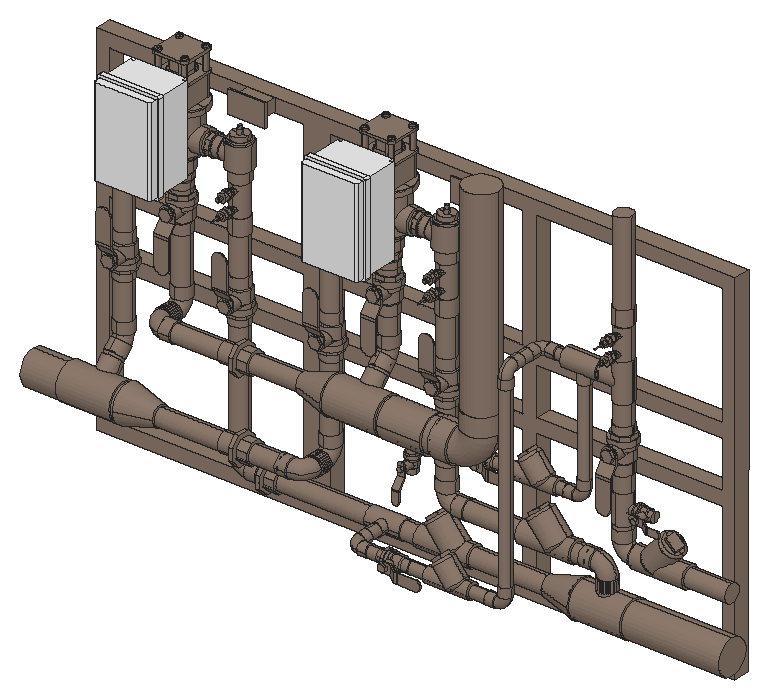
Revit family "Mixing_Valve-Leonard_Valve_Company-Megatron-NV_200_LF_2PS-1", category Pipe Accessories, Revit 2015
Parameters (values of type "NV-200-LF-2PS")
  Youtube clip = ""
  Weight Net (Kg) = "0"
  Uniformat II Description = ""
  Uniformat II Code = ""
  Uniclass 2015 Name = ""
  Uniclass 2015 Code = ""
  Uniclass 2.0 Description = ""
  Uniclass 2.0 Code = ""
  Uniclass 1.4 Description = ""
  Uniclass 1.4 Code = ""
  URL = "http://www.leonardvalve.com/"
  UNSPSC Code = "401416"
  Technical description = ""
  Valve Box Material = Steel-Leonard_Valve-Baked_White
  Return Outlet Flow [instance] = 0.0 L/s
  Return Inlet Flow [instance] = 0.0 L/s
  Region South America = "None"
  Region Oceania = "None"
  Region North America = "US"
  Region Middle East = "None"
  Region Europe = "None"
  Region Asia = "None"
  Region Antarctica = "None"
  Region Africa = "None"
  QR code = "https://www.bimobject.com/leonardvalvecompany/product/megatron-nv-200-lf-2ps"
  Product url = "http://www.leonardvalvecompany.com/nucleus.html"
  Product group = "Digitally Controlled Mixing Valves"
  Product family = "Mixing Valves for Liquid Services"
  Product data url = "https://www.bimobject.com/leonardvalvecompany/product/megatron-nv-200-lf-2ps"
  Product certification = ""
  Product SKU = "nv-200-lf-2ps"
  Pipe Radius 2.0 = 2.0625"
  Pipe Radius 1.0 = 1.0625"
  Pipe Radius .625 = 0.6879"
  OmniClass Description = "Mixing Valves"
  OmniClass Code = "23-27 31 29"
  Nominal width = 0.0000"
  Nominal height = 0.0000"
  NBS Reference Description = ""
  NBS Reference Code = ""
  Model = "NV-200-LF-2PS"
  Mixed Outlet Flow [instance] = 0.0 L/s
  Material secondary = ""
  Material main = ""
  Masterformat 2014 Description = ""
  Masterformat 2014 Code = ""
  Manufacturer name = "Leonard Valve Company"
  Manufacturer country = "United States"
  Manufacturer = "Leonard Valve Company"
  Installation instructions = ""
  IFC Classification = "Valve"
  Hot Water Inlet Flow [instance] = 0.0 L/s
  Edition number = 1
  EAN code = ""
  Design country = "United States"
  Description = "The Nucleus Digitally Controlled Mixing Valve from Leonard Valve Company serves as the central monitor & control of a Domestic Hot Water System. The Nucleus Digitally Controlled Mixing Valve capabilities include:\r\n\r\n+/- 2°F Mixed Water Temperature in accordance with ASSE 1017-2009.\r\n+/- 2°F Mixed Water Temperature during periods of low or no system demand\r\n0.5 GPM Minimum Flow with Continuously Operating Recirculation Pump\r\nAutomatic Shutoff of Valve upon Cold or Hot Supply Failure\r\nSystem Setup & Commissioning from Nucleus Control Module–no PC or Laptop Required\r\nLCD Display & Sensor Indicators – Set Point Temperature & Actual Temperature\r\nBMS Interface – Native Support for Six Different Protocols including BACnet & Modbus\r\nEthernet Connection for PC or LAN for Valve Programming or Interrogation\r\nWeb Server to remotely monitor & control Nucleus Mixing Valve\r\nData Logger – stores up to 30 days of temperatures, pressure & flows\r\nNucleus is UL Listed & Approved to E484833. Eco-Mix Certified Lead Free Construction"
  Date of publishing = ""
  Chilled Water Inlet Flow [instance] = 0.0 L/s
  COBIe Type Category = ""
  Pipe Material = Bronze-Leonard_Valve_Company
  Brand url = "http://www.leonardvalve.com/"
  BIMobject category = "Valves"
Reference planes (in)
  plane 1 "Center (Front/Back)": y = 0
  plane 2: z = 0
  plane 3 "Center (Left/Right)": x = 0.17519
  plane 4: y = -10.4375
  plane 5: x = -6.89817
  plane 6: x = 7.28002
  plane 7: x = 18.40223
  plane 8: x = 25.4756
  plane 9: x = 32.58042
  plane 10: x = 40.17519
  plane 11: x = 54.17519
  plane 12: x = 44.1115
  plane 13: x = 49.40241
  plane 14: z = 19.23257
  plane 15: z = 11.49997
  plane 16: z = 4.49997
  plane 17: z = 9.37497
  plane 18: z = 30.3844
  plane 19: z = 15.74671
  plane 20: y = -5
  plane 21: y = -9.18429
Forms (in)
  Sweep 1, solid, material "Bronze-Leonard_Valve_Company" <- "Pipe Material", detail levels fine
    path origin (0, -5, 39.21815) x (1, 0, 0) y (0, 0, 1)
      loop
        line (0.17519, -6.52353) -> (0.17519, -17.29631)
    profile "Fitting-Profile_R1.0 : Fitting-Profile_R1.0" origin (0.17519, -5, 27.30823) x (1, 0, 0) y (0, -1, 0)
      loop
        circle (0, 0) r 1.0625
  Sweep 2, solid, material "Bronze-Leonard_Valve_Company" <- "Pipe Material", detail levels fine
    path origin (7.56326, -9.18429, -40.76743) x (1, 0, 0) y (0, 0, -1)
      loop
        line (-4.69876, -60) -> (10.95648, -60)
    profile "Fitting-Profile_R1.0 : Fitting-Profile_R1.0" origin (10.69212, -9.18429, 19.23257) x (0, 0, -1) y (0, 1, 0)
      loop
        circle (0, 0) r 1.0625
  Sweep 3, solid, material "Bronze-Leonard_Valve_Company" <- "Pipe Material", detail levels fine
    path origin (0, -5, 39.21815) x (1, 0, 0) y (0, 0, 1)
      loop
        line (-6.89817, -7.60931) -> (-6.89817, -23.60596)
    profile "Fitting-Profile_R1.0 : Fitting-Profile_R1.0" origin (-6.89817, -5, 23.61052) x (1, 0, 0) y (0, -1, 0)
      loop
        circle (0, 0) r 1.0625
  Sweep 4, solid, material "Bronze-Leonard_Valve_Company" <- "Pipe Material", detail levels fine
    path origin (0, -5, 39.21815) x (1, 0, 0) y (0, 0, 1)
      loop
        line (7.28002, -9.16831) -> (7.28002, -32.15037)
    profile "Fitting-Profile_R1.0 : Fitting-Profile_R1.0" origin (7.28002, -5, 18.55881) x (1, 0, 0) y (0, -1, 0)
      loop
        circle (0, 0) r 1.0625
  SweptBlend 5, solid, material "Bronze-Leonard_Valve_Company" <- "Pipe Material", detail levels fine
    path origin (2.74699, -9.18429, 86.46225) x (-1, 0, 0) y (0, 0, 1)
      loop
        line (-15.65524, -67.22968) -> (-19.47261, -67.22968)
    profile origin (18.40223, -9.18429, 19.23257) x (0, 0, -1) y (0, 1, 0)
      loop
        circle (0, 0) r 1.188
    end profile origin (22.2196, -9.18429, 19.23257) x (0, 0, -1) y (0, 1, 0)
      loop
        circle (0, 0) r 2.256
  Sweep 6, solid, material "Bronze-Leonard_Valve_Company" <- "Pipe Material", detail levels fine
    path origin (2.6893, -9.18429, 86.46225) x (-1, 0, 0) y (0, 0, 1)
      loop
        line (-19.53029, -67.22968) -> (-32.74407, -67.22968)
    profile "Fitting-Profile_R2.0 : Fitting-Profile_R2.0" origin (28.82648, -9.18429, 19.23257) x (0, 0, -1) y (0, 1, 0)
      loop
        circle (0, 0) r 2.0625
  Sweep 7, solid, material "Bronze-Leonard_Valve_Company" <- "Pipe Material", detail levels fine
    path origin (2.6893, -9.18429, 86.46225) x (-1, 0, 0) y (0, 0, 1)
      loop
        line (-37.48589, -62.38587) -> (-37.48589, -37.96228)
    profile "Fitting-Profile_R2.0 : Fitting-Profile_R2.0" origin (40.17519, -9.18429, 36.28817) x (1, 0, 0) y (0, 1, 0)
      loop
        circle (0, 0) r 2.0625
  Sweep 8, solid, material "Bronze-Leonard_Valve_Company" <- "Pipe Material", detail levels fine
    path origin (-0.25, -5, 117.65455) x (1, 0, 0) y (0, 0, 1)
      loop
        line (18.65223, -86.04568) -> (18.65223, -105.59028)
    profile "Fitting-Profile_R1.0 : Fitting-Profile_R1.0" origin (18.40223, -5, 21.83657) x (1, 0, 0) y (0, -1, 0)
      loop
        circle (0, 0) r 1.0625
  Sweep 9, solid, material "Bronze-Leonard_Valve_Company" <- "Pipe Material", detail levels fine
    path origin (2.6893, -9.18429, 86.46225) x (-1, 0, 0) y (0, 0, 1)
      loop
        line (-13.29839, -77.08728) -> (1.78124, -77.08728)
    profile "Fitting-Profile_R1.0 : Fitting-Profile_R1.0" origin (8.44788, -9.18429, 9.37497) x (0, 0, 1) y (0, 1, 0)
      loop
        circle (0, 0) r 1.0625
  SweptBlend 10, solid, material "Bronze-Leonard_Valve_Company" <- "Pipe Material", detail levels fine
    path origin (2.6893, -9.18429, 86.46225) x (-1, 0, 0) y (0, 0, 1)
      loop
        line (5.80608, -77.08728) -> (1.78124, -77.08728)
    profile origin (-3.11677, -9.18429, 9.37497) x (0, 0, -1) y (0, 1, 0)
      loop
        circle (-0.00172, 0) r 2.25
    end profile origin (0.90806, -9.18429, 9.37497) x (0, 0, -1) y (0, 1, 0)
      loop
        circle (-0.00172, 0) r 1.18
  Sweep 11, solid, material "Bronze-Leonard_Valve_Company" <- "Pipe Material", detail levels fine
    path origin (2.6893, -9.18429, 86.46225) x (-1, 0, 0) y (0, 0, 1)
      loop
        line (17.26411, -77.08728) -> (5.80608, -77.08728)
    profile "Fitting-Profile_R2.0 : Fitting-Profile_R2.0" origin (-8.84579, -9.18429, 9.37497) x (0, 0, -1) y (0, 1, 0)
      loop
        circle (0, 0) r 2.0625
  Sweep 12, solid, material "Bronze-Leonard_Valve_Company" <- "Pipe Material", detail levels fine
    path origin (0, -5, 39.21815) x (1, 0, 0) y (0, 0, 1)
      loop
        line (9.78912, -34.71818) -> (45.06088, -34.71818)
    profile "Fitting-Profile_R1.0 : Fitting-Profile_R1.0" origin (27.425, -5, 4.49997) x (0, 0, 1) y (0, -1, 0)
      loop
        circle (0, 0) r 1.0625
  SweptBlend 13, solid, material "Bronze-Leonard_Valve_Company" <- "Pipe Material", detail levels fine
    path origin (0, -5, 39.21815) x (1, 0, 0) y (0, 0, 1)
      loop
        line (45.06088, -34.71818) -> (49.0924, -34.71818)
    profile origin (45.06088, -5, 4.49997) x (0, 0, 1) y (0, -1, 0)
      loop
        circle (0, 0) r 1.18
    end profile origin (49.0924, -5, 4.49997) x (0, 0, 1) y (0, -1, 0)
      loop
        circle (0, 0) r 2.25
  Sweep 14, solid, material "Bronze-Leonard_Valve_Company" <- "Pipe Material", detail levels fine
    path origin (0, -5, 39.21815) x (1, 0, 0) y (0, 0, 1)
      loop
        line (49.0924, -34.71818) -> (67.42519, -34.71818)
    profile "Fitting-Profile_R2.0 : Fitting-Profile_R2.0" origin (58.25879, -5, 4.49997) x (0, 0, 1) y (0, -1, 0)
      loop
        circle (0, 0) r 2.0625
  Sweep 15, solid, material "Bronze-Leonard_Valve_Company" <- "Pipe Material", detail levels fine
    path origin (0, -5, 39.21815) x (1, 0, 0) y (0, 0, 1)
      loop
        line (35.26973, -29.84318) -> (50.1688, -29.84318)
    profile "Fitting-Profile_R1.0 : Fitting-Profile_R1.0" origin (42.71927, -5, 9.37497) x (0, 0, 1) y (0, -1, 0)
      loop
        circle (0, 0) r 1.0625
  Sweep 16, solid, material "Bronze-Leonard_Valve_Company" <- "Pipe Material", detail levels fine
    path origin (0, -5, 39.21815) x (1, 0, 0) y (0, 0, 1)
      loop
        line (32.58042, -9.16831) -> (32.58042, -27.21297)
    profile "Fitting-Profile_R1.0 : Fitting-Profile_R1.0" origin (32.58042, -5, 21.02751) x (1, 0, 0) y (0, -1, 0)
      loop
        circle (0, 0) r 1.0625
  Sweep 17, solid, material "Bronze-Leonard_Valve_Company" <- "Pipe Material", detail levels fine
    path origin (0, -5, 39.21815) x (1, 0, 0) y (0, 0, 1)
      loop
        line (34.82842, -23.47145) -> (47.34741, -23.47145)
    profile "Fitting-Profile_R0.625 : Fitting-Profile_R0.625" origin (41.08792, -5, 15.74671) x (0, 0, 1) y (0, -1, 0)
      loop
        circle (0, 0) r 0.6879
  Sweep 18, solid, material "Bronze-Leonard_Valve_Company" <- "Pipe Material", detail levels fine
    path origin (0, -5, 117.65455) x (1, 0, 0) y (0, 0, 1)
      loop
        line (49.40241, -89.33755) -> (49.40241, -99.85285)
    profile "Fitting-Profile_R0.625 : Fitting-Profile_R0.625" origin (49.40241, -5, 23.05935) x (1, 0, 0) y (0, -1, 0)
      loop
        circle (0, 0) r 0.6879
  Sweep 19, solid, material "Bronze-Leonard_Valve_Company" <- "Pipe Material", detail levels fine
    path origin (0, -5, 39.21815) x (1, 0, 0) y (0, 0, 1)
      loop
        line (25.4756, -6.42652) -> (25.4756, -13.92497)
    profile "Fitting-Profile_R1.0 : Fitting-Profile_R1.0" origin (25.4756, -5, 29.04241) x (1, 0, 0) y (0, -1, 0)
      loop
        circle (0, 0) r 1.0625
  Sweep 20, solid, material "Bronze-Leonard_Valve_Company" <- "Pipe Material", detail levels fine
    path origin (0, -5, 39.21815) x (1, 0, 0) y (0, 0, 1)
      loop
        line (54.17519, 9.28182) -> (54.17519, -25.15037)
    profile "Fitting-Profile_R1.0 : Fitting-Profile_R1.0" origin (54.17519, -5, 31.28388) x (1, 0, 0) y (0, -1, 0)
      loop
        circle (0, 0) r 1.0625
  Sweep 21, solid, material "Bronze-Leonard_Valve_Company" <- "Pipe Material", detail levels fine
    path origin (0, -5, 39.21815) x (1, 0, 0) y (0, 0, 1)
      loop
        line (62.30222, -27.71818) -> (67.42519, -27.71818)
    profile "Fitting-Profile_R1.0 : Fitting-Profile_R1.0" origin (64.86371, -5, 11.49997) x (0, 0, 1) y (0, -1, 0)
      loop
        circle (0, 0) r 1.0625
  Sweep 22, solid, material "Bronze-Leonard_Valve_Company" <- "Pipe Material", detail levels fine
    path origin (0, -5, 39.21815) x (1, 0, 0) y (0, 0, 1)
      loop
        line (51.51591, -8.84318) -> (51.87246, -8.84318)
    profile "Fitting-Profile_R1.0 : Fitting-Profile_R1.0" origin (51.69419, -5, 30.37497) x (0, 0, 1) y (0, -1, 0)
      loop
        circle (0, 0) r 1.0625
  Sweep 23, solid, material "Bronze-Leonard_Valve_Company" <- "Pipe Material", detail levels fine
    path origin (0, -5, 39.21815) x (1, 0, 0) y (0, 0, 1)
      loop
        line (46.1665, -8.83375) -> (47.28891, -8.83375)
    profile "Fitting-Profile_R0.625 : Fitting-Profile_R0.625" origin (46.7277, -5, 30.3844) x (0, 0, 1) y (0, -1, 0)
      loop
        circle (0, 0) r 0.6879
  Sweep 24, solid, material "Bronze-Leonard_Valve_Company" <- "Pipe Material", detail levels fine
    path origin (25.4122, -6.8825, 86.46225) x (0, 1, 0) y (0, 0, 1)
      loop
        line (0, -81.96228) -> (-1.5, -81.96228)
    profile "Fitting-Profile_R0.625 : Fitting-Profile_R0.625" origin (25.4122, -7.6325, 4.49997) x (0, 0, -1) y (1, 0, 0)
      loop
        circle (0, 0) r 0.6879
  Sweep 25, solid, material "Bronze-Leonard_Valve_Company" <- "Pipe Material", detail levels fine
    path origin (27.47768, -10.4375, 86.46225) x (-1, 0, 0) y (0, 0, 1)
      loop
        line (0, -81.96228) -> (-14.56792, -81.96228)
    profile "Fitting-Profile_R0.625 : Fitting-Profile_R0.625" origin (34.76164, -10.4375, 4.49997) x (0, 0, -1) y (0, 1, 0)
      loop
        circle (0, 0) r 0.6879
  Sweep 26, solid, material "Bronze-Leonard_Valve_Company" <- "Pipe Material", detail levels fine
    path origin (27.47768, -10.4375, 164.89865) x (-1, 0, 0) y (0, 0, 1)
      loop
        line (-16.63382, -158.34368) -> (-16.63382, -136.57865)
    profile "Fitting-Profile_R0.625 : Fitting-Profile_R0.625" origin (44.1115, -10.4375, 17.43748) x (1, 0, 0) y (0, 1, 0)
      loop
        circle (0, 0) r 0.6879
  Sweep 27, solid, material "Bronze-Leonard_Valve_Company" <- "Pipe Material", detail levels fine
    path origin (44.1115, -8.3825, 86.46225) x (0, 1, 0) y (0, 0, 1)
      loop
        line (1.3275, -56.08728) -> (0, -56.08728)
    profile "Fitting-Profile_R0.625 : Fitting-Profile_R0.625" origin (44.1115, -7.71875, 30.37497) x (0, 0, -1) y (1, 0, 0)
      loop
        circle (0, 0) r 0.6879
  Sweep 28, solid, material "Bronze-Leonard_Valve_Company" <- "Pipe Material", detail levels fine
    path origin (25.4756, -5, 39.20003) x (0, 1, 0) y (0, 0, 1)
      loop
        line (-1.33952, -17.31387) -> (-1.61348, -17.58782)
    profile "Fitting-Profile_R1.0 : Fitting-Profile_R1.0" origin (25.4756, -6.4765, 21.74918) x (0, 0.707107, -0.707107) y (1, 0, 0)
      loop
        circle (0, 0) r 1.0625
  Sweep 29, solid, material "Bronze-Leonard_Valve_Company" <- "Pipe Material", detail levels fine
    path origin (-6.89817, -5, 34.45736) x (0, 1, 0) y (0, 0, 1)
      loop
        line (-1.42765, -22.29441) -> (-1.72474, -22.59149)
    profile "Fitting-Profile_R1.0 : Fitting-Profile_R1.0" origin (-6.89817, -6.57619, 12.01441) x (0, 0.707107, -0.707107) y (1, 0, 0)
      loop
        circle (0, 0) r 1.0625
  Extrusion 30, solid, material "Bronze-Leonard_Valve_Company" <- "Pipe Material", detail levels fine
    sketch origin (-78.74016, 0, 86.46225) x (-1, 0, 0) y (0, 0, 1)
      loop
        line (-67.72785, -44.08728) -> (-91.47785, -44.08728) -> (-91.47785, -58.83728) -> (-67.72785, -58.83728) -> (-67.72785, -44.08728)
      loop
        line (-66.16535, -42.46228) -> (-144.16535, -42.46228) -> (-144.16535, -86.46228) -> (-66.16535, -86.46228) -> (-66.16535, -42.46228)
      loop
        line (-94.72785, -44.08728) -> (-118.22785, -44.08728) -> (-118.22785, -58.83728) -> (-94.72785, -58.83728) -> (-94.72785, -44.08728)
      loop
        line (-119.85285, -44.09361) -> (-142.60285, -44.09361) -> (-142.60285, -58.84361) -> (-119.85285, -58.84361) -> (-119.85285, -44.09361)
      loop
        line (-119.85285, -60.46228) -> (-142.60285, -60.46228) -> (-142.60285, -66.33728) -> (-119.85285, -66.33728) -> (-119.85285, -60.46228)
      loop
        line (-119.85285, -67.96228) -> (-142.60285, -67.96228) -> (-142.60285, -84.83728) -> (-119.85285, -84.83728) -> (-119.85285, -67.96228)
      loop
        line (-94.72785, -68.04672) -> (-118.22785, -68.04672) -> (-118.22785, -84.83728) -> (-94.72785, -84.83728) -> (-94.72785, -68.04672)
      loop
        line (-94.72785, -60.46228) -> (-118.22785, -60.46228) -> (-118.22785, -66.41739) -> (-94.72785, -66.41739) -> (-94.72785, -60.46228)
      loop
        line (-67.72785, -60.46228) -> (-91.47785, -60.46228) -> (-91.47785, -66.33728) -> (-67.72785, -66.33728) -> (-67.72785, -60.46228)
      loop
        line (-67.72785, -67.96228) -> (-91.47785, -67.96228) -> (-91.47785, -84.83728) -> (-67.72785, -84.83728) -> (-67.72785, -67.96228)
    from 0 to -2
  Extrusion 31, solid, material "Bronze-Leonard_Valve_Company" <- "Pipe Material", detail levels fine
    sketch origin (-78.74016, -4.13, 86.46225) x (-1, 0, 0) y (0, 0, 1)
      loop
        line (-84.03408, -41.8405) -> (-88.54698, -41.8405) -> (-88.54698, -44.59504) -> (-84.03408, -44.59504) -> (-84.03408, -41.8405)
    from 0 to -0.2
  Extrusion 32, solid, material "Bronze-Leonard_Valve_Company" <- "Pipe Material", detail levels fine
    sketch origin (-78.74016, -4.13, 86.46225) x (-1, 0, 0) y (0, 0, 1)
      loop
        line (-84.63408, -42.4405) -> (-87.92928, -42.4405) -> (-87.92928, -43.99504) -> (-84.63408, -43.99504) -> (-84.63408, -42.4405)
    from 0 to 2.13
  Extrusion 33, solid, material "Bronze-Leonard_Valve_Company" <- "Pipe Material", detail levels fine
    sketch origin (-51.46891, -4.13, 86.46225) x (-1, 0, 0) y (0, 0, 1)
      loop
        line (-84.03408, -41.8405) -> (-88.54698, -41.8405) -> (-88.54698, -44.59504) -> (-84.03408, -44.59504) -> (-84.03408, -41.8405)
    from 0 to -0.2
  Extrusion 34, solid, material "Bronze-Leonard_Valve_Company" <- "Pipe Material", detail levels fine
    sketch origin (-51.46891, -4.13, 86.46225) x (-1, 0, 0) y (0, 0, 1)
      loop
        line (-84.63408, -42.4405) -> (-87.92928, -42.4405) -> (-87.92928, -43.99504) -> (-84.63408, -43.99504) -> (-84.63408, -42.4405)
    from 0 to 2.13
Lines and regions (in)
  Masking region 1, detail levels coarse+medium
    outline origin (0, 0, 0) x (1, 0, 0) y (0, 1, 0)
      loop
        circle (0.17519, -5) r 3
  Masking region 2, detail levels coarse+medium
    outline origin (25.30258, 0, 0) x (1, 0, 0) y (0, 1, 0)
      loop
        circle (0.17301, -5) r 3
  Masking region 3, detail levels coarse+medium
    outline origin (38.5995, -2.10407, 0) x (1, 0, 0) y (0, 1, 0)
      loop
        line (0, -2.89593) -> (-1.8698, -1.94933) -> (-1.8698, -3.84253) -> (0, -2.89593)
  Masking region 4, detail levels coarse+medium
    outline origin (38.5995, -2.10407, 0) x (-1, 0, 0) y (0, -1, 0)
      loop
        line (0, 2.89593) -> (-1.8698, 3.84253) -> (-1.8698, 1.94933) -> (0, 2.89593)
  model lines, detail levels coarse+medium
    curve 1: line (-10.15417, -9.18429, 9.37497) -> (-14.57481, -9.18429, 9.37497)
    curve 2: line (-3.67514, -9.18429, 9.37497) -> (16.10783, -9.18429, 9.37497)
    curve 3: line (18.40223, -5, 24.65305) -> (18.40223, -5, 31.60885)
    curve 4: line (18.40223, -5, 38.61886) -> (18.40223, -5, 40.1867)
    curve 5: line (18.40223, -5, 40.1867) -> (21.7366, -5, 40.1867)
    curve 6: line (21.7366, -5, 47.04382) -> (29.2146, -5, 47.04382)
    curve 7: line (21.7366, -5, 35.78405) -> (21.7366, -5, 47.04382)
    curve 8: line (29.2146, -5, 35.78405) -> (21.7366, -5, 35.78405)
    curve 9: line (29.2146, -5, 47.04382) -> (29.2146, -5, 35.78405)
    curve 10: line (29.2146, -5, 38.75833) -> (32.58042, -5, 38.75833)
    curve 11: line (32.58042, -5, 38.75833) -> (32.58042, -5, 37.05986)
    curve 12: line (32.58042, -5, 13.63321) -> (32.58042, -5, 12.04984)
    curve 13: line (35.26973, -5, 9.37497) -> (49.51612, -5, 9.37497)
    curve 14: line (55.46142, -5, 4.49997) -> (67.67215, -5, 4.49997)
    curve 15: line (49.63381, -5, 4.49997) -> (35.91475, -5, 4.49997)
    curve 16: line (27.47768, -5, 4.49997) -> (29.47635, -5, 4.49997)
    curve 17: line (27.47768, -5, 4.49997) -> (9.7987, -5, 4.49997)
    curve 18: line (7.28002, -5, 7.06778) -> (7.28002, -5, 20.88806)
    curve 19: line (7.28002, -5, 37.05986) -> (7.28002, -5, 38.53798)
    curve 20: line (7.28002, -5, 38.53798) -> (3.739, -5, 38.53798)
    curve 21: line (-3.739, -5, 47.04382) -> (3.739, -5, 47.04382)
    curve 22: line (-3.739, -5, 35.78405) -> (-3.739, -5, 47.04382)
    curve 23: line (3.739, -5, 35.78405) -> (-3.739, -5, 35.78405)
    curve 24: line (3.739, -5, 47.04382) -> (3.739, -5, 35.78405)
    curve 25: line (-3.739, -5, 40.0702) -> (-6.89817, -5, 40.0702)
    curve 26: line (-6.89817, -5, 40.0702) -> (-6.89817, -5, 38.61886)
    curve 27: line (-6.89817, -5, 20.88806) -> (-6.89817, -5, 15.61219)
    curve 28: line (0.17519, -5, 28.46468) -> (0.17519, -5, 21.92184)
    curve 29: line (2.6893, -9.18429, 19.23257) -> (22.76384, -9.18429, 19.23257)
    curve 30: line (25.4756, -5, 35.78405) -> (25.4756, -5, 32.2046)
    curve 31: line (28.7316, -9.18429, 19.23257) -> (35.44023, -9.18429, 19.23257)
    curve 32: line (-6.89817, -6.42765, 12.16295) -> (-6.89817, -6.70907, 11.8502)
    curve 33: line (54.17519, -5, 48.57303) -> (54.17519, -5, 38.37055)
    curve 34: line (54.17519, -5, 28.0764) -> (54.17519, -5, 24.84203)
    curve 35: line (62.30222, -5, 11.49997) -> (67.67215, -5, 11.49997)
    curve 36: line (51.69356, -5, 30.37497) -> (51.51591, -5, 30.37497)
    curve 37: line (47.28891, -5, 30.3844) -> (46.1665, -5, 30.3844)
    curve 38: line (44.1115, -10.4375, 28.3294) -> (44.1115, -10.4375, 6.55497)
    curve 39: line (42.0456, -10.4375, 4.49997) -> (40.04194, -10.4375, 4.49997)
    curve 40: line (28.64617, -10.4375, 4.49997) -> (27.44794, -10.4375, 4.49997)
    curve 41: line (25.4756, -6.8825, 4.5) -> (25.4756, -8.3825, 4.5)
    curve 42: line (44.1115, -7.055, 30.3844) -> (44.1115, -8.3825, 30.3844)
    curve 43: line (39.25586, -5, 15.74671) -> (40.92239, -5, 15.74671)
    curve 44: line (46.26639, -5, 15.74671) -> (47.34741, -5, 15.74671)
    curve 45: line (49.40241, -5, 17.80171) -> (49.40241, -5, 28.3264)
    curve 46: line (-7.84577, -5, 24.6272) -> (-5.95253, -5, 24.62819)
    curve 47: line (-5.95253, -5, 24.62819) -> (-6.89817, -5, 22.75788)
    curve 48: line (-7.84577, -5, 24.6272) -> (-6.89817, -5, 22.75788)
    curve 49: line (-7.84381, -5, 20.88757) -> (-5.95058, -5, 20.88856)
    curve 50: line (-5.95058, -5, 20.88856) -> (-6.89817, -5, 22.75788)
    curve 51: line (-7.84381, -5, 20.88757) -> (-6.89817, -5, 22.75788)
    curve 52: line (-6.89817, -5, 22.75788) -> (-8.64817, -5, 22.75696)
    curve 53: line (-8.64778, -5, 22.00696) -> (-8.64856, -5, 23.50696)
    curve 54: line (24.53152, -5, 28.49473) -> (26.42554, -5, 28.4977)
    curve 55: line (26.42554, -5, 28.4977) -> (25.4756, -5, 30.36682)
    curve 56: line (24.53152, -5, 28.49473) -> (25.4756, -5, 30.36682)
    curve 57: line (24.52645, -5, 32.23436) -> (26.41888, -5, 32.23733)
    curve 58: line (26.41888, -5, 32.23733) -> (25.4756, -5, 30.36682)
    curve 59: line (24.52645, -5, 32.23436) -> (25.4756, -5, 30.36682)
    curve 60: line (25.4756, -5, 30.36682) -> (23.7256, -5, 30.36407)
    curve 61: line (23.72442, -5, 31.11407) -> (23.72677, -5, 29.61407)
    curve 62: line (31.63674, -5, 20.91342) -> (33.52997, -5, 20.91639)
    curve 63: line (33.52997, -5, 20.91639) -> (32.58042, -5, 22.78472)
    curve 64: line (31.63674, -5, 20.91342) -> (32.58042, -5, 22.78472)
    curve 65: line (31.63088, -5, 24.65305) -> (33.52411, -5, 24.65601)
    curve 66: line (33.52411, -5, 24.65601) -> (32.58042, -5, 22.78472)
    curve 67: line (31.63088, -5, 24.65305) -> (32.58042, -5, 22.78472)
    curve 68: line (32.58042, -5, 22.78472) -> (30.83043, -5, 22.78197)
    curve 69: line (30.82925, -5, 23.53197) -> (30.8316, -5, 22.03197)
    curve 70: line (53.23151, -5, 21.10092) -> (55.12474, -5, 21.10389)
    curve 71: line (55.12474, -5, 21.10389) -> (54.17519, -5, 22.97222)
    curve 72: line (53.23151, -5, 21.10092) -> (54.17519, -5, 22.97222)
    curve 73: line (53.22565, -5, 24.84055) -> (55.11888, -5, 24.84351)
    curve 74: line (55.11888, -5, 24.84351) -> (54.17519, -5, 22.97222)
    curve 75: line (53.22565, -5, 24.84055) -> (54.17519, -5, 22.97222)
    curve 76: line (54.17519, -5, 22.97222) -> (52.42519, -5, 22.96947)
    curve 77: line (52.42402, -5, 23.71947) -> (52.42637, -5, 22.21947)
    curve 78: line (30.80861, -9.18429, 13.38144) -> (31.7523, -9.18429, 15.25274)
    curve 79: line (30.80275, -9.18429, 17.12107) -> (31.7523, -9.18429, 15.25274)
    curve 80: line (31.7523, -9.18429, 15.25274) -> (30.0023, -9.18429, 15.25)
    curve 81: line (30.00112, -9.18429, 16) -> (30.00348, -9.18429, 14.5)
    curve 82: line (28.64469, -10.4375, 5.44365) -> (28.64766, -10.4375, 3.55042)
    curve 83: line (28.64766, -10.4375, 3.55042) -> (30.51599, -10.4375, 4.49997)
    curve 84: line (28.64469, -10.4375, 5.44365) -> (30.51599, -10.4375, 4.49997)
    curve 85: line (32.38432, -10.4375, 5.44951) -> (32.38728, -10.4375, 3.55628)
    curve 86: line (32.38728, -10.4375, 3.55628) -> (30.51599, -10.4375, 4.49997)
    curve 87: line (32.38432, -10.4375, 5.44951) -> (30.51599, -10.4375, 4.49997)
    curve 88: line (35.51474, -5, 16.69365) -> (35.51771, -5, 14.80042)
    curve 89: line (35.51771, -5, 14.80042) -> (37.38604, -5, 15.74997)
    curve 90: line (35.51474, -5, 16.69365) -> (37.38604, -5, 15.74997)
    curve 91: line (39.25437, -5, 16.69951) -> (39.25733, -5, 14.80628)
    curve 92: line (39.25733, -5, 14.80628) -> (37.38604, -5, 15.74997)
    curve 93: line (39.25437, -5, 16.69951) -> (37.38604, -5, 15.74997)
    curve 94: line (-6.89817, -5, 31.60885) -> (-6.89817, -5, 24.62769)
    curve 95: line (0.17519, -5, 32.20431) -> (0.17519, -5, 35.78405)
    curve 96: line (18.40223, -5, 20.91485) -> (18.40223, -5, 12.04414)
    curve 97: line (32.58042, -5, 17.07568) -> (32.58042, -5, 20.9149)
    curve 98: line (32.58042, -5, 24.65453) -> (32.58042, -5, 30.15453)
    curve 99: line (32.3858, -10.4375, 4.49997) -> (34.69794, -10.4375, 4.49997)
    curve 100: line (54.17519, -5, 21.1024) -> (54.17519, -5, 14.18426)
    curve 101: line (25.4756, -5, 28.5294) -> (25.4756, -5, 25.32638)
    curve 102: line (17.48588, -5, 20.91342) -> (19.37911, -5, 20.91639)
    curve 103: line (19.37911, -5, 20.91639) -> (18.42957, -5, 22.78472)
    curve 104: line (17.48588, -5, 20.91342) -> (18.42957, -5, 22.78472)
    curve 105: line (17.48002, -5, 24.65305) -> (19.37175, -5, 24.65305)
    curve 106: line (19.37175, -5, 24.65305) -> (18.42957, -5, 22.78472)
    curve 107: line (17.48002, -5, 24.65305) -> (18.42957, -5, 22.78472)
    curve 108: line (18.42976, -5, 22.78433) -> (16.92371, -5, 22.78197)
    curve 109: line (16.92253, -5, 23.53197) -> (16.92488, -5, 22.03197)
    curve 110: line (40.17519, -9.18429, 24.12304) -> (40.17519, -9.18429, 48.57303)
    curve 111: line (29.07837, -9.18429, 21.35527) -> (29.07837, -9.18429, 17.01003)
    curve 112: line (34.41277, -9.18429, 21.33403) -> (34.41277, -9.18429, 17.01003)
    curve 113: line (32.69598, -9.18429, 13.38144) -> (31.7523, -9.18429, 15.25274)
    curve 114: line (32.70184, -9.18429, 17.12107) -> (31.7523, -9.18429, 15.25274)
    curve 115: line (30.80861, -9.18429, 13.38144) -> (32.69598, -9.18429, 13.38144)
    curve 116: line (30.80275, -9.18429, 17.12107) -> (32.70184, -9.18429, 17.12107)
    curve 117: line (31.7523, -9.18429, 17.12107) -> (31.7523, -9.18429, 19.23257)
    curve 118: line (34.82842, -5, 15.74671) -> (35.51622, -5, 15.74671)
    curve 119: line (56.28369, -5, 17.43497) -> (58.15499, -5, 16.49129)
    curve 120: line (60.02332, -5, 17.44083) -> (58.15499, -5, 16.49129)
    curve 121: line (58.14951, -5, 16.49246) -> (58.15225, -5, 14.74246)
    curve 122: line (56.28369, -5, 15.5476) -> (58.15499, -5, 16.49129)
    curve 123: line (60.02332, -5, 15.54174) -> (58.15499, -5, 16.49129)
    curve 124: line (56.28369, -5, 17.43497) -> (56.28369, -5, 15.5476)
    curve 125: line (60.02332, -5, 17.44083) -> (60.02332, -5, 15.54174)
    curve 126: line (57.40225, -5, 14.74129) -> (58.90225, -5, 14.74364)
    curve 127: line (56.28369, -5, 16.49129) -> (54.17519, -5, 16.49129)
    curve 128: line (53.03248, -5, 18.25204) -> (55.29248, -5, 18.25204)
    curve 129: line (53.03248, -5, 14.72195) -> (55.29248, -5, 14.72195)
    curve 130: line (6.33243, -5, 24.6272) -> (8.22566, -5, 24.62819)
    curve 131: line (8.22566, -5, 24.62819) -> (7.28002, -5, 22.75788)
    curve 132: line (6.33243, -5, 24.6272) -> (7.28002, -5, 22.75788)
    curve 133: line (6.33438, -5, 20.88757) -> (8.22761, -5, 20.88856)
    curve 134: line (8.22761, -5, 20.88856) -> (7.28002, -5, 22.75788)
    curve 135: line (6.33438, -5, 20.88757) -> (7.28002, -5, 22.75788)
    curve 136: line (7.28002, -5, 22.75788) -> (5.53002, -5, 22.75696)
    curve 137: line (5.53041, -5, 22.00696) -> (5.52963, -5, 23.50696)
    curve 138: line (7.27904, -5, 24.62769) -> (7.27904, -5, 30.04984)
    curve 139: line (18.40223, -3.86819, 12.06427) -> (18.40223, -6.13181, 12.06427)
    curve 140: line (18.40223, -5, 12.06427) -> (18.40223, -5, 10.72212)
    curve 141: line (18.40223, -6.34716, 9.37497) -> (18.40223, -6.95613, 9.37497)
    curve 142: line (18.40223, -6.95613, 10.50678) -> (18.40223, -6.95613, 8.24316)
    curve 143: arc (18.40223, -5, 10.72212) -> (18.40223, -5.39457, 9.76954) -> (18.40223, -6.34716, 9.37497) r 1.34716
    curve 144: line (-0.95662, -7.01573, 19.23257) -> (1.307, -7.01573, 19.23257)
    curve 145: line (2.86449, -8.05248, 19.23257) -> (2.86449, -10.31611, 19.23257)
    curve 146: line (0.17519, -7.01573, 19.23257) -> (0.17519, -7.83714, 19.23257)
    curve 147: line (2.86449, -9.18429, 19.23257) -> (1.52235, -9.18429, 19.23257)
    curve 148: arc (0.17519, -7.83714, 19.23257) -> (0.56976, -8.78972, 19.23257) -> (1.52235, -9.18429, 19.23257) r 1.34716
    curve 149: line (2.86449, -8.43926, 19.23257) -> (2.86449, -9.93926, 19.23257)
    curve 150: line (15.71293, -8.05248, 9.37497) -> (15.71293, -10.31611, 9.37497)
    curve 151: line (15.71293, -9.18429, 9.37497) -> (17.05507, -9.18429, 9.37497)
    curve 152: line (17.27042, -6.95613, 9.37497) -> (19.53404, -6.95613, 9.37497)
    curve 153: line (18.40223, -6.95613, 9.37497) -> (18.40223, -7.83714, 9.37497)
    curve 154: arc (18.40223, -7.83714, 9.37497) -> (18.00766, -8.78972, 9.37497) -> (17.05507, -9.18429, 9.37497) r 1.34716
    curve 155: line (0.17519, -3.86819, 21.92187) -> (0.17519, -6.13181, 21.92187)
    curve 156: line (0.17519, -7.01573, 20.36438) -> (0.17519, -7.01573, 18.10076)
    curve 157: line (0.17519, -5, 21.92187) -> (0.17519, -5, 20.57972)
    curve 158: line (0.17519, -7.01573, 19.23257) -> (0.17519, -6.34716, 19.23257)
    curve 159: arc (0.17519, -5, 20.57972) -> (0.17519, -5.39457, 19.62714) -> (0.17519, -6.34716, 19.23257) r 1.34716
    curve 160: line (56.32457, -5, 12.7775) -> (56.32457, -5, 10.2225)
    curve 161: line (53.04631, -5, 14.18429) -> (55.30993, -5, 14.18429)
    curve 162: line (54.17812, -5, 14.18429) -> (54.17812, -5, 12.84716)
    curve 163: line (56.32457, -5, 11.5) -> (55.52528, -5, 11.5)
    curve 164: line (56.32457, -5, 11.5) -> (62.30222, -5, 11.5)
    curve 165: line (62.30222, -5, 12.7775) -> (62.30222, -5, 10.2225)
    curve 166: line (60.51619, -5, 14.69081) -> (57.83878, -5, 11.5)
    curve 167: line (59.86696, -5, 15.23557) -> (61.16541, -5, 14.14605)
    curve 168: arc (54.17812, -5, 12.84716) -> (54.57269, -5, 11.89457) -> (55.52528, -5, 11.5) r 1.34716
    curve 169: line (49.51612, -5, 10.45464) -> (49.51612, -5, 8.19102)
    curve 170: line (49.51612, -5, 9.37497) -> (50.85827, -5, 9.37497)
    curve 171: line (52.20542, -5, 8.02781) -> (52.20542, -5, 7.30711)
    curve 172: line (51.07542, -5, 7.30711) -> (53.33723, -5, 7.30711)
    curve 173: line (52.20542, -5, 7.30711) -> (52.20542, -5, 4.5)
    curve 174: line (48.94942, -5, 4.5) -> (55.46142, -5, 4.5)
    curve 175: line (55.46142, -5, 6.6695) -> (55.46142, -5, 2.3305)
    curve 176: line (48.94942, -5, 6.6695) -> (48.94942, -5, 2.3305)
    curve 177: arc (50.85827, -5, 9.37497) -> (51.81085, -5, 8.9804) -> (52.20542, -5, 8.02781) r 1.34716
    curve 178: line (37.38604, -5, 15.74997) -> (37.38329, -5, 13.99997)
    curve 179: line (38.13329, -5, 13.9988) -> (36.6333, -5, 14.00115)
    curve 180: line (30.51599, -10.4375, 4.49997) -> (30.51324, -10.4375, 2.74997)
    curve 181: line (31.26324, -10.4375, 2.7488) -> (29.76324, -10.4375, 2.75115)
    curve 182: line (-0.77142, -5, 32.2055) -> (1.12181, -5, 32.20312)
    curve 183: line (1.12181, -5, 32.20312) -> (0.17284, -5, 30.3345)
    curve 184: line (-0.77142, -5, 32.2055) -> (0.17284, -5, 30.3345)
    curve 185: line (-0.77613, -5, 28.46587) -> (1.1171, -5, 28.46349)
    curve 186: line (1.1171, -5, 28.46349) -> (0.17284, -5, 30.3345)
    curve 187: line (-0.77613, -5, 28.46587) -> (0.17284, -5, 30.3345)
    curve 188: line (0.17284, -5, 30.3345) -> (-1.57716, -5, 30.3367)
    curve 189: line (-1.5781, -5, 29.5867) -> (-1.57622, -5, 31.0867)
    curve 223: line (25.4756, -6.42765, 21.97428) -> (25.4756, -6.70907, 21.7078)
  symbolic lines, detail levels coarse+medium
    curve 190: line (-2.82481, -5, 0) -> (-6.89817, -5, 0)
    curve 191: line (-6.89817, -5, 0) -> (-6.89817, -9.18429, 0)
    curve 192: line (-14.57481, -9.18429, 0) -> (24.95051, -9.18429, 0)
    curve 193: line (-10.15417, -8.43926, 0) -> (-10.15417, -9.93926, 0)
    curve 194: line (-3.64217, -8.43926, 0) -> (-3.64217, -9.93926, 0)
    curve 195: line (7.28002, -5, 0) -> (7.28002, -9.18429, 0)
    curve 196: line (3.17519, -5, 0) -> (22.4756, -5, 0)
    curve 197: line (18.40223, -5, 0) -> (18.40223, -9.18429, 0)
    curve 198: line (40.4693, -5, 0) -> (67.42519, -5, 0)
    curve 199: line (62.30222, -3.7225, 0) -> (62.30222, -6.2775, 0)
    curve 200: line (55.79822, -3.7225, 0) -> (55.79822, -6.2775, 0)
    curve 201: line (46.1665, -4.265, 0) -> (46.1665, -5.735, 0)
    curve 202: line (43.3765, -7.055, 0) -> (44.8465, -7.055, 0)
    curve 203: line (44.1115, -6.015, 0) -> (44.1115, -10.4375, 0)
    curve 204: arc (45.1265, -5, 0) -> (44.40878, -5.29729, 0) -> (44.1115, -6.015, 0) r 1.015
    curve 205: line (43.3765, -8.3825, 0) -> (44.8465, -8.3825, 0)
    curve 206: line (22.2196, -8.43926, 0) -> (22.2196, -9.93926, 0)
    curve 207: line (28.7316, -8.43926, 0) -> (28.7316, -9.93926, 0)
    curve 208: line (25.4756, -8, 0) -> (25.4756, -9.4225, 0)
    curve 209: line (0.17519, -8, 0) -> (0.17519, -9.18429, 0)
    curve 210: line (32.58042, -5, 0) -> (32.58042, -9.18429, 0)
    curve 211: line (42.0565, -11.1725, 0) -> (42.0565, -9.72122, 0)
    curve 212: line (26.4906, -10.4375, 0) -> (44.1115, -10.4375, 0)
    curve 213: line (27.5306, -9.7025, 0) -> (27.5306, -11.1725, 0)
    curve 214: line (34.69794, -9.5265, 0) -> (34.69794, -11.3485, 0)
    curve 215: line (40.04194, -9.5265, 0) -> (40.04194, -11.3485, 0)
    curve 216: line (24.7406, -8.3825, 0) -> (26.2106, -8.3825, 0)
    curve 217: arc (25.4756, -9.4225, 0) -> (25.77288, -10.14021, 0) -> (26.4906, -10.4375, 0) r 1.015
    curve 218: arc (24.95051, -9.18429, 0) -> (25.4756, -8.65921, 0) -> (26.00068, -9.18429, 0) r 0.52508
    curve 219: line (26.00068, -9.18429, 0) -> (40.17519, -9.18429, 0)
    curve 220: line (38.5995, -5, 0) -> (38.5995, -6.5, 0)
    curve 221: line (37.8495, -6.5, 0) -> (39.3495, -6.5, 0)
    curve 222: line (36.7208, -5, 0) -> (28.4756, -5, 0)
Dimensions and locks (in)
  plane 18 to plane 14 to plane 19 to plane 15 to plane 17 to plane 16 to plane 2 = 11.15183" locked, 3.48586" locked, 4.24674" locked, 2.1250" locked, 4.8750" locked, 4.49997" locked
  plane 21 to plane 20 to plane 1 "Center (Front/Back)" = 4.18429" locked, 5.0000" locked
  plane 5 to plane 3 "Center (Left/Right)" to plane 6 to plane 7 to plane 8 to plane 9 to plane 10 to plane 12 to plane 13 to plane 11 = 7.07336" locked, 7.10483" locked, 11.12221" locked, 7.07336" locked, 7.10483" locked, 7.59477" locked, 3.93631" locked, 5.29091" locked, 4.77278" locked
  aligned and locked: level to plane 2
  aligned and locked: nested 13 to nested 12
  aligned and locked: nested 19 to nested 16
  aligned and locked: nested 9 to Sweep 19 sketch curve
  aligned and locked: Sweep 24 to nested 33
  aligned and locked: nested 34 to Sweep 26 sketch curve
  aligned and locked: nested 25 to Sweep 27 sketch curve
  aligned and locked: nested 26 to Sweep 27 sketch curve
  aligned and locked: nested 37 to Sweep 28 sketch curve
  aligned and locked: nested 28 to Sweep 28 sketch curve
  aligned and locked: nested 36 to Sweep 29 sketch curve
  aligned and locked: nested 27 to Sweep 29 sketch curve
  aligned and locked: nested 18 to Sweep 15 sketch curve
  aligned and locked: nested 20 to Sweep 17 sketch curve
  aligned and locked: nested 28 to SweptBlend 5 sketch curve
  aligned and locked: nested 12 to Sweep 8 sketch curve
  aligned and locked: nested 48 to curve 35
  aligned and locked: curve 29 to nested 51
  aligned and locked: nested 50 to curve 17
  aligned and locked: plane 3 "Center (Left/Right)" to nested 1
  aligned and locked: plane 3 "Center (Left/Right)" to nested 2
  aligned and locked: nested 3 to plane 5
  aligned and locked: nested 4 to plane 6
  aligned and locked: plane 3 "Center (Left/Right)" to nested 41
  aligned and locked: Sweep 1 sketch curve to plane 3 "Center (Left/Right)"
  aligned and locked: plane 5 to nested 38
  aligned and locked: plane 5 to Sweep 3 sketch curve
  aligned and locked: plane 5 to nested 36
  aligned and locked: plane 5 to nested 27
  aligned and locked: plane 17 to Sweep 11 sketch curve
  aligned and locked: plane 17 to SweptBlend 10 sketch curve
  aligned and locked: Sweep 9 sketch curve to plane 17
  aligned and locked: nested 49 to plane 17
  aligned and locked: nested 5 to plane 3 "Center (Left/Right)"
  aligned and locked: plane 14 to nested 6
  aligned and locked: nested 5 to plane 14
  aligned and locked: curve 156 to plane 3 "Center (Left/Right)"
  aligned and locked: plane 6 to nested 39
  aligned and locked: plane 6 to Sweep 4 sketch curve
  aligned and locked: plane 6 to nested 14
  aligned and locked: plane 16 to nested 14
  aligned and locked: plane 16 to Sweep 12 sketch curve
  aligned and locked: nested 50 to plane 16
  aligned and locked: plane 14 to Sweep 2 sketch curve
  aligned and locked: nested 51 to plane 14
  aligned and locked: nested 8 to plane 8
  aligned and locked: nested 9 to plane 8
  aligned and locked: nested 10 to plane 7
  aligned and locked: nested 11 to plane 9
  aligned and locked: nested 43 to plane 8
  aligned and locked: plane 8 to Sweep 19 sketch curve
  aligned and locked: plane 7 to Sweep 8 sketch curve
  aligned and locked: plane 7 to nested 40
  aligned and locked: plane 9 to nested 42
  aligned and locked: plane 9 to Sweep 16 sketch curve
  aligned and locked: plane 14 to SweptBlend 5 sketch curve
  aligned and locked: plane 14 to Sweep 6 sketch curve
  aligned and locked: plane 14 to curve 31
  aligned and locked: plane 8 to nested 37
  aligned and locked: nested 20 to plane 9
  aligned and locked: nested 20 to plane 19
  aligned and locked: plane 19 to Sweep 17 sketch curve
  aligned and locked: nested 45 to plane 19
  aligned and locked: nested 24 to plane 19
  aligned and locked: plane 19 to nested 21
  aligned and locked: nested 21 to plane 13
  aligned and locked: plane 13 to Sweep 18 sketch curve
  aligned and locked: plane 18 to nested 22
  aligned and locked: plane 13 to nested 22
  aligned and locked: plane 18 to Sweep 23 sketch curve
  aligned and locked: nested 25 to plane 18
  aligned and locked: plane 12 to nested 26
  aligned and locked: Sweep 26 sketch curve to plane 12
  aligned and locked: plane 7 to nested 12
  aligned and locked: nested 13 to plane 17
  aligned and locked: curve 154 to plane 17
  aligned and locked: plane 17 to curve 152
  aligned and locked: plane 7 to curve 142
  aligned and locked: nested 12 to plane 17
  aligned and locked: plane 8 to nested 33
  aligned and locked: plane 16 to nested 32
  aligned and locked: plane 16 to nested 33
  aligned and locked: plane 16 to Sweep 25 sketch curve
  aligned and locked: nested 46 to plane 16
  aligned and locked: nested 15 to plane 16
  aligned and locked: nested 35 to plane 16
  aligned and locked: plane 16 to nested 34
  aligned and locked: nested 34 to plane 12
  aligned and locked: plane 16 to SweptBlend 13 sketch curve
  aligned and locked: nested 16 to plane 16
  aligned and locked: plane 16 to Sweep 14 sketch curve
  aligned and locked: nested 19 to plane 17
  aligned and locked: plane 17 to Sweep 15 sketch curve
  aligned and locked: nested 17 to plane 17
  aligned and locked: plane 17 to nested 18
  aligned and locked: plane 9 to nested 18
  aligned and locked: plane 10 to nested 7
  aligned and locked: Sweep 7 sketch curve to plane 10
  aligned and locked: plane 11 to Sweep 20 sketch curve
  aligned and locked: plane 11 to nested 29
  aligned and locked: plane 11 to nested 23
  aligned and locked: nested 23 to plane 18
  aligned and locked: nested 44 to plane 11
  aligned and locked: plane 11 to curve 100
  aligned and locked: plane 11 to nested 30
  aligned and locked: plane 15 to nested 30
  aligned and locked: nested 31 to plane 15
  aligned and locked: plane 15 to Sweep 21 sketch curve
  aligned and locked: plane 20 to nested 48
  aligned and locked: plane 20 to nested 9
  aligned and locked: plane 20 to nested 2
  aligned and locked: nested 11 to plane 20
  aligned and locked: nested 15 to plane 20
  aligned and locked: nested 10 to plane 20
  aligned and locked: nested 24 to plane 20
  aligned and locked: plane 20 to nested 31
  aligned and locked: curve 17 to plane 20
  aligned and locked: plane 20 to nested 41
  aligned and locked: plane 20 to curve 21
  aligned and locked: curve 23 to plane 20
  aligned and locked: nested 3 to plane 20
  aligned and locked: curve 1 to plane 21
  aligned and locked: plane 21 to curve 29
  aligned and locked: plane 21 to curve 2
  aligned and locked: nested 7 to plane 21  (x2)
  aligned and locked: nested 6 to plane 21
  aligned and locked: Extrusion 30 to plane 1 "Center (Front/Back)"
  aligned and locked: curve 212 to plane 4
  aligned and locked: curve 222 to plane 20
Nested families (in)
  nested 1: "Box_NV-150-LF" at (0.17519, -11.14776, 35.70082), type "Box_NV-150-LF", detail levels fine
  nested 2: "Nucleus_Mixing-Valve_Leonard-Valve-Company_NV-200-LF" at (0.17519, -5, 39.02746), type "NV-150-RF-IF-RTS", detail levels fine
  nested 3: "Fitting-Tee_NV-200-LF" at (-6.89817, -5, 34.45736) x (0, 1, 0) z (0, 0, 1), type "Fitting-Tee_NV-200-LF"
  nested 4: "Fitting-Tee_NV-200-LF" at (7.28002, -5, 32.89835) x (0, 1, 0) z (0, 0, 1), type "Fitting-Tee_NV-200-LF"
  nested 5: "Fitting-Elbow_Leonard-Valve-Company" at (0.17519, -5.77624, 20.01132) x (0, -1, 0) z (0, 0, 1), type "Fitting-Elbow_Leonard-Valve-Company_2.0", detail levels fine
  nested 6: "Fitting-Elbow_Leonard-Valve-Company" at (0.95394, -8.40805, 19.23257) x (0, 1, 0) z (1, 0, 0), type "Fitting-Elbow_Leonard-Valve-Company_2.0", detail levels fine
  nested 7: "Fitting-Elbow_Leonard-Valve-Company" at (38.81469, -9.18429, 20.59307) x (-1, 0, 0) z (0, 0, 1), type "Fitting-Elbow_Leonard-Valve-Company_4.0"
  nested 8: "Box_NV-150-LF" at (25.4756, -11.14776, 35.70082), type "Box_NV-150-LF", detail levels fine
  nested 9: "Nucleus_Mixing-Valve_Leonard-Valve-Company_NV-200-LF" at (25.4756, -5, 39.20003), type "NV-150-RF-IF-RTS", detail levels fine
  nested 10: "Fitting-Tee_NV-200-LF" at (18.40223, -5, 34.45736) x (0, 1, 0) z (0, 0, 1), type "Fitting-Tee_NV-200-LF"
  nested 11: "Fitting-Tee_NV-200-LF" at (32.58042, -5, 32.89835) x (0, 1, 0) z (0, 0, 1), type "Fitting-Tee_NV-200-LF"
  nested 12: "Fitting-Elbow_Leonard-Valve-Company" at (18.40223, -5.77624, 10.15372) x (0, -1, 0) z (0, 0, 1), type "Fitting-Elbow_Leonard-Valve-Company_2.0", detail levels fine
  nested 13: "Fitting-Elbow_Leonard-Valve-Company" at (17.62348, -8.40805, 9.37497) x (0, 1, 0) z (-1, 0, 0), type "Fitting-Elbow_Leonard-Valve-Company_2.0", detail levels fine
  nested 14: "Fitting-Elbow_Leonard-Valve-Company" at (8.05626, -5, 5.27872), type "Fitting-Elbow_Leonard-Valve-Company_2.0"
  nested 15: "Valve-Check_Leonard-Valve-Company" at (32.72835, -5, 4.49997) x (-1, 0, 0) z (0, 0, 1), type "Valve-Check_Leonard-Valve-Company_3.0"
  nested 16: "Fitting-Tee_Leonard-Valve-Company" at (52.20542, -5, 4.49997), type "Fitting-Tee_Leonard-Valve-Company_4.0", detail levels fine
  nested 17: "Valve-Check_Leonard-Valve-Company" at (45.17725, -5, 9.37497) x (-1, 0, 0) z (0, 0, 1), type "Valve-Check_Leonard-Valve-Company_3.0"
  nested 18: "Fitting-Elbow_Leonard-Valve-Company" at (33.35917, -5, 10.15121) x (0, 0, 1) z (1, 0, 0), type "Fitting-Elbow_Leonard-Valve-Company_2.0"
  nested 19: "Fitting-Elbow_Leonard-Valve-Company" at (51.42668, -5, 8.59873) x (0, 0, -1) z (-1, 0, 0), type "Fitting-Elbow_Leonard-Valve-Company_2.0", detail levels fine
  nested 20: "Fitting-Tee_Leonard-Valve-Company" at (32.58042, -5, 15.74671) x (0, 0, 1) z (1, 0, 0), type "Fitting-Tee_Leonard-Valve-Company_2.0_04"
  nested 21: "Fitting-Elbow_Leonard-Valve-Company" at (48.74241, -5, 16.40671) x (-1, 0, 0) z (0, 0, 1), type "Fitting-Elbow_Leonard-Valve-Company_1.25"
  nested 22: "Fitting-Tee_Leonard-Valve-Company" at (49.40241, -5, 30.3844) x (-1, 0, 0) z (0, 0, -1), type "Fitting-Tee_Leonard-Valve-Company_2.0_03"
  nested 23: "Fitting-Tee_Leonard-Valve-Company" at (54.17519, -5, 30.3844) x (0, 0, 1) z (-1, 0, 0), type "Fitting-Tee_Leonard-Valve-Company_2.0_02"
  nested 24: "Valve-Check_Leonard-Valve-Company" at (43.59439, -5, 15.74671) x (-1, 0, 0) z (0, 0, 1), type "Valve-Check_Leonard-Valve-Company_1.25"
  nested 25: "Fitting-Elbow_Leonard-Valve-Company" at (44.7715, -5.66, 30.3844) x (0, -1, 0) z (1, 0, 0), type "Fitting-Elbow_Leonard-Valve-Company_1.25"
  nested 26: "Fitting-Elbow_Leonard-Valve-Company" at (44.1115, -9.7775, 29.715) x (0, 1, 0) z (0, 0, -1), type "Fitting-Elbow_Leonard-Valve-Company_1.25"
  nested 27: "Fitting-Tee_Leonard-Valve-Company" at (-6.89817, -9.18429, 9.37497) x (-1, 0, 0) z (0, 0.7071, 0.7071), type "Fitting-Tee_Leonard-Valve-Company_4.0"
  nested 28: "Fitting-Tee_Leonard-Valve-Company" at (25.4756, -9.18429, 19.23257) x (-1, 0, 0) z (0, 0.7071, 0.7071), type "Fitting-Tee_Leonard-Valve-Company_4.0"
  nested 29: "Fitting-Tee_NV-200-LF" at (54.17519, -5, 35.5221) x (0, 1, 0) z (0, 0, -1), type "Fitting-Tee_NV-200-LF"
  nested 30: "Fitting-Elbow_Leonard-Valve-Company" at (54.95394, -5, 12.27621) x (0, 0, 1) z (1, 0, 0), type "Fitting-Elbow_Leonard-Valve-Company_2.0", detail levels fine
  nested 31: "Valve-Check_Leonard-Valve-Company" at (59.05022, -5, 11.49997), type "Valve-Check_Leonard-Valve-Company_3.0"
  nested 32: "Fitting-Tee_Leonard-Valve-Company" at (25.4756, -5, 4.49997) x (1, 0, 0) z (0, -1, 0), type "Fitting-Tee_Leonard-Valve-Company_2.0_01"
  nested 33: "Fitting-Elbow_Leonard-Valve-Company" at (26.1356, -9.7775, 4.49997) x (0, 1, 0) z (1, 0, 0), type "Fitting-Elbow_Leonard-Valve-Company_1.25"
  nested 34: "Fitting-Elbow_Leonard-Valve-Company" at (43.4515, -10.4375, 5.15997) x (-1, 0, 0) z (0, 0, 1), type "Fitting-Elbow_Leonard-Valve-Company_1.25"
  nested 35: "Valve-Check_Leonard-Valve-Company" at (37.36994, -10.4375, 4.49997) x (-1, 0, 0) z (0, 0, 1), type "Valve-Check_Leonard-Valve-Company_1.25"
  nested 36: "Fitting-Elbow_Leonard-Valve-Company_Angle45" at (-6.89817, -5.27, 14.21723) x (0, -1, 0) z (0, 0, 1), type "Fitting-Elbow_Leonard-Valve-Company_1.0"
    with Pipe Diameter 2.0000", Elbow Top 2.2500", Elbow Side 1.3440", Diameter 2.0000", Arc Width 1.1000", Arc Lenght 2.9000"
  nested 37: "Fitting-Elbow_Leonard-Valve-Company_Angle45" at (25.4756, -5.27, 24.02856) x (0, -1, 0) z (0, 0, 1), type "Fitting-Elbow_Leonard-Valve-Company_1.0"
    with Pipe Diameter 2.0000", Elbow Top 2.2500", Elbow Side 1.3440", Diameter 2.0000", Arc Width 1.1000", Arc Lenght 2.9000"
  nested 38: "Valve-Ball_Leonard-Valve-Company_R2" at (-6.89817, -5, 22.3563) x (-1, 0, 0) z (0, 0, -1), type "Valve-Ball_Leonard-Valve-Company_R2", detail levels fine
  nested 39: "Valve-Ball_Leonard-Valve-Company_R2" at (7.28002, -5, 22.3563) x (-1, 0, 0) z (0, 0, -1), type "Valve-Ball_Leonard-Valve-Company_R2", detail levels fine
  nested 40: "Valve-Ball_Leonard-Valve-Company_R2" at (18.40223, -5, 22.3563) x (-1, 0, 0) z (0, 0, -1), type "Valve-Ball_Leonard-Valve-Company_R2", detail levels fine
  nested 41: "Valve-Ball_Leonard-Valve-Company_R2" at (0.17519, -5, 30.76404), type "Valve-Ball_Leonard-Valve-Company_R2", detail levels fine
  nested 42: "Valve-Ball_Leonard-Valve-Company_R2" at (32.58042, -5, 22.3563) x (-1, 0, 0) z (0, 0, -1), type "Valve-Ball_Leonard-Valve-Company_R2", detail levels fine
  nested 43: "Valve-Ball_Leonard-Valve-Company_R2" at (25.4756, -5, 30.76404), type "Valve-Ball_Leonard-Valve-Company_R2", detail levels fine
  nested 44: "Valve-Ball_Leonard-Valve-Company_R2" at (54.17519, -5, 23.35621), type "Valve-Ball_Leonard-Valve-Company_R2", detail levels fine
  nested 45: "Valve-Ball_Leonard-Valve-Company_R1.0" at (37.48875, -5, 15.74671) x (0, 0, 1) z (-1, 0, 0), type "Valve-Ball_Leonard-Valve-Company_R1.0", detail levels fine
  nested 46: "Valve-Ball_Leonard-Valve-Company_R1.0" at (30.6187, -10.4375, 4.49997) x (0, 0, 1) z (-1, 0, 0), type "Valve-Ball_Leonard-Valve-Company_R1.0", detail levels fine
  nested 47: "Valve-Ball_Leonard-Valve-Company_R0.65_Tee" at (31.74557, -9.24679, 15.12755), type "Valve-Ball_Leonard-Valve-Company_R0.65_Tee", detail levels fine
  nested 48: "Valve-Ball_Leonard-Valve-Company_R0.65_Tee_02" at (57.05073, -5, 16.49132) x (0, 0, 1) z (-1, 0, 0), type "Valve-Ball_Leonard-Valve-Company_R0.65_Tee_02", detail levels fine
  nested 49: "Valve-Ball_Leonard-Valve-Company_R2_No handle" at (12.4477, -9.18429, 9.37497) x (0, 0, 1) z (-1, 0, 0), type "Valve-Ball_Leonard-Valve-Company_R2_No handle", detail levels fine
  nested 50: "Valve-Ball_Leonard-Valve-Company_R2_No handle 2" at (12.4477, -5, 4.49997) x (0, 0, 1) z (-1, 0, 0), type "Valve-Ball_Leonard-Valve-Company_R2_No handle 2", detail levels fine
  nested 51: "Valve-Ball_Leonard-Valve-Company_R2_No handle" at (12.4477, -9.18429, 19.23257) x (0, 0, 1) z (-1, 0, 0), type "Valve-Ball_Leonard-Valve-Company_R2_No handle", detail levels fine
Connectors (in)
  piping at (40.17519, -9.18429, 48.49997), diameter 4, driven by "Mixed Outlet Flow"
    settings: on Sweep 7, index 11, connector inside diameter 609.6 mm, connector length 0.0000", flow factor 0, pipe flow 0.0 L/s, pressure drop 0.0 Pa, fitting loss kfactor 0, connector angle 0.00°, fixture units 0, engagement length 0.0000", angle of deflection 0.00°, flow configuration 0, flow direction 2, fitting loss method 0, system type 7, joint type 0, gender type 0, connector reference index -1, connector utility 0, adjustable connector no, is connector primary yes, connector description "Mixed Outlet"
  piping at (54.17519, -5, 48.49997), diameter 2, driven by "Return Inlet Flow"
    settings: on Sweep 20, index 12, connector inside diameter 609.6 mm, connector length 0.0000", flow factor 0, pipe flow 0.0 L/s, pressure drop 0.0 Pa, fitting loss kfactor 0, connector angle 0.00°, fixture units 0, engagement length 0.0000", angle of deflection 0.00°, flow configuration 0, flow direction 1, fitting loss method 0, system type 8, joint type 0, gender type 0, connector reference index -1, connector utility 0, adjustable connector no, is connector primary no, connector description "Return Inlet"
  piping at (67.42519, -5, 11.49997), diameter 2, driven by "Return Outlet Flow"
    settings: on Sweep 21, index 13, connector inside diameter 609.6 mm, connector length 0.0000", flow factor 0, pipe flow 0.0 L/s, pressure drop 0.0 Pa, fitting loss kfactor 0, connector angle 0.00°, fixture units 0, engagement length 0.0000", angle of deflection 0.00°, flow configuration 0, flow direction 2, fitting loss method 0, system type 8, joint type 0, gender type 0, connector reference index -1, connector utility 0, adjustable connector no, is connector primary no, connector description "Return Outlet"
  piping at (67.42519, -5, 4.49997), diameter 4, driven by "Chilled Water Inlet Flow"
    settings: on Sweep 14, index 14, connector inside diameter 609.6 mm, connector length 0.0000", flow factor 0, pipe flow 0.0 L/s, pressure drop 0.0 Pa, fitting loss kfactor 0, connector angle 0.00°, fixture units 0, engagement length 0.0000", angle of deflection 0.00°, flow configuration 0, flow direction 1, fitting loss method 0, system type 20, joint type 0, gender type 0, connector reference index -1, connector utility 0, adjustable connector no, is connector primary no, connector description "Chilled Water Inlet"
  piping at (-14.57481, -9.18429, 9.37497), diameter 4, driven by "Hot Water Inlet Flow"
    settings: on Sweep 11, index 15, connector inside diameter 609.6 mm, connector length 0.0000", flow factor 0, pipe flow 0.0 L/s, pressure drop 0.0 Pa, fitting loss kfactor 0, connector angle 0.00°, fixture units 0, engagement length 0.0000", angle of deflection 0.00°, flow configuration 0, flow direction 1, fitting loss method 0, system type 19, joint type 0, gender type 0, connector reference index -1, connector utility 0, adjustable connector no, is connector primary no, connector description "Hot Water Inlet"
Definition of nested family "Box_NV-150-LF"
  Parameters (values of type "Box_NV-150-LF")
    Material = none
    Default Elevation = 48.0000"
  Reference planes (in)
    plane 1 "Center (Front/Back)": y = 0
    plane 2: z = 0
    plane 3 "Center (Left/Right)": x = 0
    plane 4: x = -3.739
    plane 5: x = 3.739
    plane 6: y = 2.5773
    plane 7: y = -3.031
    plane 8: y = 3.031
    plane 9: y = -1.41131
    plane 10: y = -1.72541
    plane 11: y = -2.03453
    plane 12: z = 11.343
  Forms (in)
    Extrusion 1, solid, material <- "Material"
      sketch origin (0, 0, 0) x (1, 0, 0) y (0, 1, 0)
        loop
          line (-3.42988, 2.5773) -> (-3.42988, -2.78239)
          arc (-3.42988, -2.78239) -> (-3.35707, -2.95818) -> (-3.18127, -3.031) r 0.24861
          line (-3.18127, -3.031) -> (3.17692, -3.031)
          arc (3.17692, -3.031) -> (3.35271, -2.95818) -> (3.42553, -2.78239) r 0.24861
          line (3.42553, -2.78239) -> (3.42553, 2.5773) -> (2.98653, 2.5773) -> (2.98653, 3.031) -> (-2.99114, 3.031) -> (-2.99114, 2.5773) -> (-3.42988, 2.5773)
      from 0.30912 to 11.02849
    Sweep 2, solid, material <- "Material"
      path origin (0, 0, 0) x (1, 0, 0) y (0, 1, 0)
        loop
          line (-3.739, -2.03453) -> (-3.739, -1.41131)
      profile origin (-3.739, -1.72292, 0) x (-1, 0, 0) y (0, 0, 1)
        loop
          arc (0.00063, 11.0933) -> (-0.07238, 11.26958) -> (-0.24866, 11.34259) r 0.24929
          line (-0.24866, 11.34259) -> (-7.22871, 11.34259)
          arc (-7.22871, 11.34259) -> (-7.40499, 11.26958) -> (-7.478, 11.0933) r 0.24929
          line (-7.478, 11.0933) -> (-7.478, 0.24929)
          arc (-7.478, 0.24929) -> (-7.41044, 0.07844) -> (-7.2443, 0) r 0.24981
          line (-7.2443, 0) -> (-0.21937, 0)
          arc (-0.21937, 0) -> (-0.06223, 0.08304) -> (0.00063, 0.24929) r 0.25124
          line (0.00063, 0.24929) -> (0.00063, 11.0933)
        loop
          line (-0.30912, 11.02849) -> (-7.16888, 11.02849) -> (-7.16888, 0.30912) -> (-0.30912, 0.30912) -> (-0.30912, 11.02849)
  Dimensions and locks (in)
    equal spacing: plane 4, plane 3 "Center (Left/Right)", plane 5
    equal spacing: plane 7, plane 1 "Center (Front/Back)", plane 8
    locked: plane 12 to plane 2 at 11.343
    aligned and locked: plane 2 to level
    aligned and locked: plane 9 to Sweep 2 sketch curve
    aligned and locked: plane 11 to Sweep 2 sketch curve
    aligned and locked: Sweep 2 sketch curve to plane 4
  Automatic sketch dimensions
    plane 6 to Extrusion 1 sketch curve = 0.0000"  (x2)
    plane 8 to Extrusion 1 sketch curve = 0.0000"
    plane 7 to Extrusion 1 sketch curve = 0.0000"
    Extrusion 1 sketch curve to plane 4 = 0.30912"
    Extrusion 1 sketch curve to Extrusion 1 sketch curve = 0.24861"
    Extrusion 1 sketch curve to Extrusion 1 sketch curve = 0.43875"
    plane 5 to Extrusion 1 sketch curve = 0.75247"
    Extrusion 1 sketch curve to plane 7 = 0.24861"
    plane 5 to Extrusion 1 sketch curve = 0.56208"
    Sweep 2 sketch curve to level = 0.0000"
    level to Sweep 2 sketch curve = 0.24929"
    profile plane to Sweep 2 sketch curve = 7.4780"
    Sweep 2 sketch curve to Sweep 2 sketch curve = 0.2337"
    profile plane to Sweep 2 sketch curve = 0.24866"
    profile plane to Sweep 2 sketch curve = 0.21937"
    Sweep 2 sketch curve to profile plane = 0.00063"
    Sweep 2 sketch curve to Sweep 2 sketch curve = 10.84402"
    Sweep 2 sketch curve to Sweep 2 sketch curve = 0.0000"
    Sweep 2 sketch curve to Sweep 2 sketch curve = 0.06046"
    Sweep 2 sketch curve to Sweep 2 sketch curve = 0.06481"
